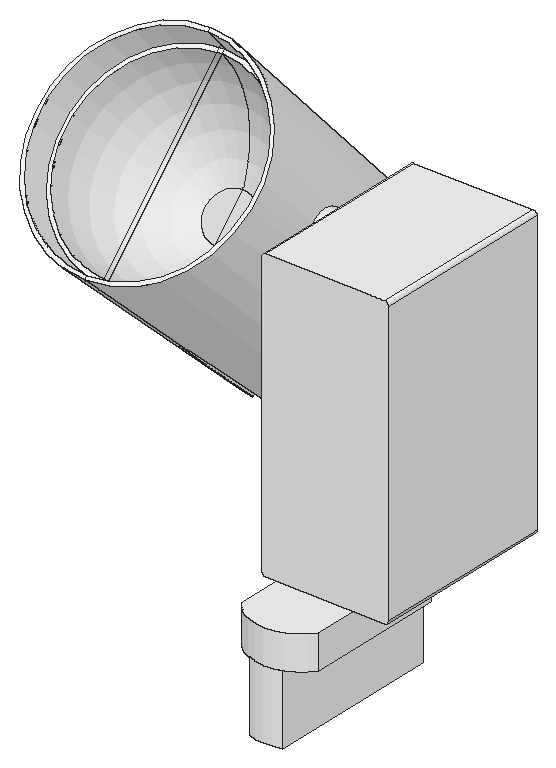
Revit family "0004824 Feilo Sylvania Lighting Fixture START TRACK SPOT S 14W 4K RA80 MB WHITE", category Lighting Fixtures, host Face, Revit 2017
Family settings
  Host = Face
  Round Connector Dimension = Use Diameter
  Part Type = Normal
  OmniClass Number = 23.80.70.00
  OmniClass Title = Lighting
  Cut with Voids When Loaded = No
  Light Source = No
  Shared = No
  Room Calculation Point = No
Parameters (values of type "0004824 START TRACK SPOT S 14W 4K RA80 MB WHITE")
  Weight = "0.94 kg"
  Wattage Comments = ""
  WarrantyStartDate [instance] = "n/a"
  WarrantyGuarantorParts = "n/a"
  WarrantyDurationUnit = "n/a"
  WarrantyDurationParts = "n/a"
  WarrantyDescription = "n/a"
  Voltage = 230 V
  URL = "http://www.sylvania-lighting.com"
  TypeName = "START TRACK SPOT S 14W 4K RA80 MB WHITE"
  TypeHead_FEILO = Start Track Spot Head : 0004824 START TRACK SPOT S 14W 4K RA80 MB WHITE
  TypeBox_FEILO = Start Track Spot Box : Type Small White
  Type Image = <None>
  Type Comments = "n/a"
  VerticalRotation_FEILO [instance] = 0.00°
  SlideEndAngle_FEILO [instance] = VerticalRotation_FEILO + 180.00°  # 180.00°
  SerialNumber [instance] = "n/a"
  Material_3_FEILO = none
  PowerFactor = 0.92
  PowerConsumption = "14 W"
  NominalLength = 0 mm
  NominalHeight = 200 mm
  NominalDepth = 140 mm
  Name = "START TRACK SPOT S 14W 4K RA80 MB WHITE"
  ModelReference = Name  # "START TRACK SPOT S 14W 4K RA80 MB WHITE"
  ModelNumber = "0004824"
  Model = Name  # "START TRACK SPOT S 14W 4K RA80 MB WHITE"
  Material = "adc12 aluminium housing, polycarbonate diffuser"
  ManufacturerName = "Feilo Sylvania"
  Manufacturer = "Feilo Sylvania"
  LuminousEfficacy = "114 lm/W"
  LuminaireType = ""
  LightOutputRatio = "100"
  LampsType = Lamp  # "LED"
  LampNominalLuminous = "1598 lm"
  LampMacAdamStep = "3"
  LampColourTemperature = "4000 K"
  LampColourRenderingIndex = "80"
  Lamp = "LED"
  Keynote = "16500"
  InstallationDate [instance] = "n/a"
  InputVoltage = "230-240V~"
  InputNominalFrequency = "50/60 Hz"
  IngressProtection = "IP20"
  ImpactProtectionIndex = "IK02"
  IfcExportType = "IfcLightFixtureType"
  IfcExportAs = "IfcLightFixtureType"
  HorizontalRotation_FEILO [instance] = 45.00°
  ExpectedLife = 50000
  ElectricShockClassification = "Class II"
  DurationUnit = "hours"
  DocumentationLiterature = "http://www.sylvania-lighting.com/product/en-int/products/0004824"
  DimmingControlOptions = "Non dimmable"
  Material_2_FEILO = none
  Description = "Integrated LED spotlight, Textured White - RAL9016, compact and minimalist design, ideal for retail applications, die-cast aluminium body, passive cooling heatsink. Beam angle: 36°, color temperature: 4000K , total system power: 14W, total fixture output: 1598 lm, LOR: 100%, colour rendering: Ra: 80 typical, LED Chromaticity: 3 step MacAdam ellipse, lifetime: >50000 hours at L70B50, energy class: A++, A+, A, IR/UV free light source without heat radiation, operating voltage: 220-240V / 50-60Hz, drive current: 350mA, electronic driver, non-dimmable, power factor: 0.92, electrical protection: Class II, Global Track 3 Phase adapter suitable for Global trac 3-circuit tracks, ingress protection rating: IP20, suitable for internal environment only, horizontal rotation: 355°, vertical tilt: 90°, dimensions: Ø86x140x200, weight: 0.940kg."
  Default Elevation = 1219.2 mm
  CreatedOn = "12/12/2017"
  CreatedBy = ""
  Cost = 0
  built-in parameter 1114216 [instance] = (empty or 0)
  ClassificationValue = "EF_70_80"
  ClassificationName = "Uniclass2015"
  Material_1_FEILO = Body-Sylvania-StartTrackSpot-White
  BarCode [instance] = "n/a"
  AssetType = "Fixed"
  AssetIdentifier [instance] = "n/a"
  Assembly Code = "D5020200"
  Apparent Load = 14 VA
  Material_4_FEILO = none
Reference planes
  plane 1 "Center (Front/Back)": y = 0
  plane 2: z = 0
  plane 3 "Center (Left/Right)": x = 0
  plane 4: x = 15
  plane 5: x = -15
  plane 6: y = 35
  plane 7: y = -35
  plane 8: z = 13
  plane 9: z = -27
  plane 10: x = 6.5
  plane 11: x = -6.5
  plane 12: y = 27
  plane 13: y = -27
  plane 14: y = 20
Forms (mm)
  Extrusion 1, solid, material "Body-Sylvania-StartTrackSpot-White" <- "Material_1_FEILO"
    sketch origin (0, 0, 0) x (1, 0, 0) y (0, 1, 0)
      loop
        line (-15, 27) -> (-15, -27)
        arc (-15, -27) -> (0, -35) -> (15, -27) r 18.062
        line (15, -27) -> (15, 27)
        arc (15, 27) -> (0, 35) -> (-15, 27) r 18.062
    from 0 to 13
  Extrusion 2, solid, material "Body-Sylvania-StartTrackSpot-White" <- "Material_1_FEILO"
    sketch origin (0, 0, 0) x (1, 0, 0) y (0, 1, 0)
      loop
        arc (6.5, 33.79) -> (0, 35) -> (-6.5, 33.79) r 18.062
        line (-6.5, 33.79) -> (-6.5, -33.79)
        arc (-6.5, -33.79) -> (0, -35) -> (6.5, -33.79) r 18.062
        line (6.5, -33.79) -> (6.5, 33.79)
    from 0 to -27
  Revolve 3, solid, not visible
    sketch origin (1524, 20, 1219.2) x (1, 0, 0) y (0, 0, 1)
      loop
        line (-1524, -1206.2) -> (-1524, -1191.285) -> (-1530.5, -1191.285) -> (-1530.5, -1206.2) -> (-1524, -1206.2)
      axis (-1524, -1191.285) -> (-1524, -1206.2)
    angle from 0 <- "VerticalRotation_FEILO" to 180 <- "SlideEndAngle_FEILO"
Cuts and joins
  joined: Extrusion 1, Extrusion 2
Dimensions and locks
  equal spacing: plane 10, plane 3 "Center (Left/Right)", plane 11
  equal spacing: plane 4, plane 3 "Center (Left/Right)", plane 5
  locked: plane 8 to plane 2 at 13
  locked: plane 8 to plane 9 at 40
  equal spacing: plane 13, plane 1 "Center (Front/Back)", plane 12
  locked: plane 12 to plane 6 at 8
  locked: plane 14 to plane 6 at 15
  locked: Revolve 3 sketch curve to plane 8 at 14.915
  aligned and locked: plane 2 to host face
  aligned and locked: level to host face
  aligned and locked: plane 5 to Extrusion 1 sketch curve  (x2)
  aligned and locked: plane 12 to Extrusion 1 sketch curve
  aligned and locked: plane 13 to Extrusion 1 sketch curve
  aligned and locked: plane 4 to Extrusion 1 sketch curve
  aligned and locked: Extrusion 1 to plane 8
  aligned and locked: Extrusion 1 to level
  aligned and locked: Extrusion 2 sketch curve to Extrusion 1  (x2)
  aligned and locked: Extrusion 2 sketch curve to plane 11
  aligned and locked: plane 10 to Extrusion 2 sketch curve
  aligned and locked: plane 9 to Extrusion 2
  aligned and locked: level to Extrusion 2
  aligned and locked: Revolve 3 sketch curve to plane 3 "Center (Left/Right)"  (x2)
  aligned and locked: plane 11 to Revolve 3 sketch curve
  aligned and locked: Revolve 3 sketch curve to plane 8
Automatic sketch dimensions
  host sketch curve to host sketch curve = 2438.4 mm  (x2)
  Extrusion 1 sketch curve to plane 3 "Center (Left/Right)" = 0 mm  (x2)
  Extrusion 1 sketch curve to plane 13 = 10.062 mm
  plane 12 to Extrusion 1 sketch curve = 10.062 mm
  Revolve 3 sketch curve to plane 3 "Center (Left/Right)" = 0 mm
  plane 9 to Revolve 3 sketch curve = 582.6 mm
  Revolve 3 sketch curve to Revolve 3 sketch curve = 2581.144 mm
Nested families
  nested 1: "Start Track Spot Head" at (-62, 20, 112.529) x (0, 0.7071, 0.7071) z (0, 0.7071, -0.7071), type <- "TypeHead_FEILO", type "0004824 START TRACK SPOT S 14W 4K RA80 MB WHITE"
    with built-in parameter 1114216 (empty or 0)
  nested 2: "Start Track Spot Box" at (8.5, 20, 73) x (-1, 0, 0) z (0, -1, 0), BoxStartAngle_FEILO <- "HorizontalRotation_FEILO", type <- "TypeBox_FEILO", type "Type Small White"
    with BoxStartAngle_FEILO 45.00°, BoxEndAngle_FEILO -135.00°
Connectors
  electrical at (0, 0, 0), driven by "Apparent Load", driven by "PowerFactor", driven by "Voltage"
    settings: index 1, voltage 230 V, apparent load 14 VA, apparent load phase1 0 VA, apparent load phase2 0 VA, apparent load phase3 0 VA, power factor 0.92, load classification "Lighting", number of poles 1, system type 30, power factor state 1, is connector primary yes, connector utility no, sub classification motor no, connector description ""
Definition of nested family "Start Track Spot Head"
  Parameters (values of type "0004811 START TRACK SPOT S 14W 3K RA80 NB WHITE")
    Wattage Comments = "n/a"
    Wattage = 14 W
    built-in parameter 1150110 = 1 (stored number, unit not read)
    URL = "http://www.feilosylvania.com"
    Type Image = (empty or 0)
    Type Comments = "n/a"
    built-in parameter 1114217 = 1 (stored number, unit not read)
    Tilt Angle = -90.00°
    built-in parameter 1150109 = 1 (stored number, unit not read)
    built-in parameter 1150134 = (empty or 0)
    built-in parameter 1150113 = 1 (stored number, unit not read)
    Photometric Web File = "0004811.ies"
    Material_3_FEILO = none
    Model = "START TRACK SPOT S 14W 3K RA80 NB WHITE"
    Manufacturer = "Feilo Sylvania"
    built-in parameter 1150105 = 123.66 (stored number, unit not read)
    Lumens = 1554 lm
    built-in parameter 1150115 = 1 (stored number, unit not read)
    built-in parameter 1150137 = (empty or 0)
    built-in parameter 1150139 = (empty or 0)
    built-in parameter 1150112 = 1 (stored number, unit not read)
    built-in parameter 1150114 = 1 (stored number, unit not read)
    Lamp = "LED"
    Keynote = "16500"
    Material_2_FEILO = none
    built-in parameter 1150132 = (empty or 0)
    built-in parameter 1150102 = (empty or 0)
    built-in parameter 1150107 = 3000 (stored number, unit not read)
    built-in parameter 1150138 = (empty or 0)
    built-in parameter 1150106 = 1.2366 (stored number, unit not read)
    HeadThickness_FEILO = if(HeadDiaOut_FEILO > 112 mm, 2 mm, 1.5 mm)  # 1.5 mm
    HeadRibOffset_FEILO = HeadHeight_FEILO / 28  # 4.179 mm
    HeadRibDepth_FEILO = HeadHeight_FEILO / 2.1  # 55.714 mm
    HeadRibCutWidth_FEILO = HeadDiaOut_FEILO / 12  # 7.167 mm
    HeadRibCutOffset_FEILO = HeadHeight_FEILO / 2.3  # 50.87 mm
    HeadReflectorRadius_FEILO = HeadDiaOut_FEILO / 1.7  # 50.588 mm
    HeadReflectorOffset_FEILO = HeadHeight_FEILO / 2.1  # 55.714 mm
    HeadLEDRadius_FEILO = HeadDiaOut_FEILO / 9  # 9.556 mm
    HeadHeight_FEILO = 117 mm
    HeadDraft_FEILO = 1 mm
    HeadDiffusorThickness_FEILO = 3 mm
    HeadDiffusorOffset_FEILO = HeadHeight_FEILO / 12.4  # 9.435 mm
    HeadDiaOut_FEILO = 86 mm
    HeadDiaIn_FEILO = HeadDiaOut_FEILO / 1.11  # 77.477 mm
    HeadAxisFromTop_FEILO = HeadHeight_FEILO / 1.687  # 69.354 mm
    Emit from Circle Diameter = HeadDiaIn_FEILO  # 77.477 mm
    Emit Shape Visible in Rendering = no
    built-in parameter 1150104 = 10.312 (stored number, unit not read)
    Dimming Lamp Color Temperature Shift = (empty or 0)
    Description = "Integrated LED spotlight, Textured White - RAL9016, compact and minimalist design, ideal for retail applications, die-cast aluminium body, passive cooling heatsink. Beam angle: 12°, color temperature: 3000K , total system power: 14W, total fixture output: 1551 lm, LOR: 100%, colour rendering: Ra: 80 typical, LED Chromaticity: 3 step MacAdam ellipse, lifetime: >50000 hours at L70B50, energy class: A++, A+, A, IR/UV free light source without heat radiation, operating voltage: 220-240V / 50-60Hz, drive current: 350mA, electronic driver, non-dimmable, power factor: 0.92, electrical protection: Class II, Global Track 3 Phase adapter suitable for Global trac 3-circuit tracks, ingress protection rating: IP20, suitable for internal environment only, horizontal rotation: 355°, vertical tilt: 90°, dimensions: Ø86x140x200, weight: 0.940kg."
    Default Elevation = 1219.2 mm
    Cost = 0
    Color Filter = 16777215
    built-in parameter 1114216 [instance] = (empty or 0)
    Material_1_FEILO = none
    built-in parameter 1114218 = 1 (stored number, unit not read)
    built-in parameter 1150133 = 10 (stored number, unit not read)
    Assembly Code = "D5020200"
    Apparent Load = 14 VA
    Material_4_FEILO = none
  Types (96, lengths in mm): name | Wattage | built-in parameter 1150134 | Photometric Web File | Model | built-in parameter 1150105 | Lumens | built-in parameter 1150107 | built-in parameter 1150106 | HeadThickness_FEILO | HeadRibOffset_FEILO | HeadRibDepth_FEILO | HeadRibCutWidth_FEILO | HeadRibCutOffset_FEILO | HeadReflectorRadius_FEILO | HeadReflectorOffset_FEILO | HeadLEDRadius_FEILO | HeadHeight_FEILO | HeadDiffusorOffset_FEILO | HeadDiaOut_FEILO | HeadDiaIn_FEILO | HeadAxisFromTop_FEILO | Emit from Circle Diameter | built-in parameter 1150104 | Description | Apparent Load
    0004906 START TRACK SPOT L 55W 4K RA90 WB BLACK | 55 W | 12 | "0004906.ies" | "START TRACK SPOT L 55W 4K RA90 WB BLACK" | 385.15 (stored number, unit not read) | 4840 lm | 4000 (stored number, unit not read) | 3.8515 (stored number, unit not read) | 2 | 4.429 | 59.048 | 9.417 | 53.913 | 66.471 | 59.048 | 12.556 | 124 | 10 | 113 | 101.802 | 73.503 | 101.802 | 8.1755 (stored number, unit not read) | "Integrated LED spotlight, Textured Black - RAL9005, compact and minimalist design, ideal for retail applications, die-cast aluminium body, passive cooling heatsink. Beam angle: 52°, color temperature: 4000K , total system power: 55W, total fixture output: 4824 lm, LOR: 100%, colour rendering: Ra: 90 typical, LED Chromaticity: 3 step MacAdam ellipse, lifetime: >50000 hours at L70B50, energy class: A++, A+, A, IR/UV free light source without heat radiation, operating voltage: 220-240V / 50-60Hz, drive current: 1400mA, electronic driver, non-dimmable, power factor: 0.96, electrical protection: Class II, Global Track 3 Phase adapter suitable for Global trac 3-circuit tracks, ingress protection rating: IP20, suitable for internal environment only, horizontal rotation: 355°, vertical tilt: 90°, dimensions: Ø113x164x240, weight: 1.398kg." | 55 VA
    0004905 START TRACK SPOT L 55W 4K RA90 MB BLACK | 55 W | 12 | "0004905.ies" | "START TRACK SPOT L 55W 4K RA90 MB BLACK" | 389.53 (stored number, unit not read) | 4895 lm | 4000 (stored number, unit not read) | 3.8953 (stored number, unit not read) | 2 | 4.429 | 59.048 | 9.417 | 53.913 | 66.471 | 59.048 | 12.556 | 124 | 10 | 113 | 101.802 | 73.503 | 101.802 | 8.2684 (stored number, unit not read) | "Integrated LED spotlight, Textured Black - RAL9005, compact and minimalist design, ideal for retail applications, die-cast aluminium body, passive cooling heatsink. Beam angle: 38°, color temperature: 4000K , total system power: 55W, total fixture output: 4897 lm, LOR: 100%, colour rendering: Ra: 90 typical, LED Chromaticity: 3 step MacAdam ellipse, lifetime: >50000 hours at L70B50, energy class: A++, A+, A, IR/UV free light source without heat radiation, operating voltage: 220-240V / 50-60Hz, drive current: 1400mA, electronic driver, non-dimmable, power factor: 0.96, electrical protection: Class II, Global Track 3 Phase adapter suitable for Global trac 3-circuit tracks, ingress protection rating: IP20, suitable for internal environment only, horizontal rotation: 355°, vertical tilt: 90°, dimensions: Ø113x164x240, weight: 1.398kg." | 55 VA
    0004904 START TRACK SPOT L 55W 4K RA90 NB BLACK | 55 W | 12 | "0004904.ies" | "START TRACK SPOT L 55W 4K RA90 NB BLACK" | 393.91 (stored number, unit not read) | 4950 lm | 4000 (stored number, unit not read) | 3.9391 (stored number, unit not read) | 2 | 4.429 | 59.048 | 9.417 | 53.913 | 66.471 | 59.048 | 12.556 | 124 | 10 | 113 | 101.802 | 73.503 | 101.802 | 8.3613 (stored number, unit not read) | "Integrated LED spotlight, Textured Black - RAL9005, compact and minimalist design, ideal for retail applications, die-cast aluminium body, passive cooling heatsink. Beam angle: 15°, color temperature: 4000K , total system power: 55W, total fixture output: 4965 lm, LOR: 100%, colour rendering: Ra: 90 typical, LED Chromaticity: 3 step MacAdam ellipse, lifetime: >50000 hours at L70B50, energy class: A++, A+, A, IR/UV free light source without heat radiation, operating voltage: 220-240V / 50-60Hz, drive current: 1400mA, electronic driver, non-dimmable, power factor: 0.96, electrical protection: Class II, Global Track 3 Phase adapter suitable for Global trac 3-circuit tracks, ingress protection rating: IP20, suitable for internal environment only, horizontal rotation: 355°, vertical tilt: 90°, dimensions: Ø113x164x240, weight: 1.398kg." | 55 VA
    0004903 START TRACK SPOT L 35W 4K RA90 WB BLACK | 35 W | 12 | "0004903.ies" | "START TRACK SPOT L 35W 4K RA90 WB BLACK" | 284.09 (stored number, unit not read) | 3570 lm | 4000 (stored number, unit not read) | 2.8409 (stored number, unit not read) | 2 | 4.429 | 59.048 | 9.417 | 53.913 | 66.471 | 59.048 | 12.556 | 124 | 10 | 113 | 101.802 | 73.503 | 101.802 | 9.4761 (stored number, unit not read) | "Integrated LED spotlight, Textured Black - RAL9005, compact and minimalist design, ideal for retail applications, die-cast aluminium body, passive cooling heatsink. Beam angle: 52°, color temperature: 4000K , total system power: 35W, total fixture output: 3562 lm, LOR: 100%, colour rendering: Ra: 90 typical, LED Chromaticity: 3 step MacAdam ellipse, lifetime: >50000 hours at L70B50, energy class: A++, A+, A, IR/UV free light source without heat radiation, operating voltage: 220-240V / 50-60Hz, drive current: 900mA, electronic driver, non-dimmable, power factor: 0.93, electrical protection: Class II, Global Track 3 Phase adapter suitable for Global trac 3-circuit tracks, ingress protection rating: IP20, suitable for internal environment only, horizontal rotation: 355°, vertical tilt: 90°, dimensions: Ø113x164x240, weight: 1.368kg." | 35 VA
    0004902 START TRACK SPOT L 35W 4K RA90 MB BLACK | 35 W | 12 | "0004902.ies" | "START TRACK SPOT L 35W 4K RA90 MB BLACK" | 286.88 (stored number, unit not read) | 3605 lm | 4000 (stored number, unit not read) | 2.8688 (stored number, unit not read) | 2 | 4.429 | 59.048 | 9.417 | 53.913 | 66.471 | 59.048 | 12.556 | 124 | 10 | 113 | 101.802 | 73.503 | 101.802 | 9.569 (stored number, unit not read) | "Integrated LED spotlight, Textured Black - RAL9005, compact and minimalist design, ideal for retail applications, die-cast aluminium body, passive cooling heatsink. Beam angle: 38°, color temperature: 4000K , total system power: 35W, total fixture output: 3616 lm, LOR: 100%, colour rendering: Ra: 90 typical, LED Chromaticity: 3 step MacAdam ellipse, lifetime: >50000 hours at L70B50, energy class: A++, A+, A, IR/UV free light source without heat radiation, operating voltage: 220-240V / 50-60Hz, drive current: 900mA, electronic driver, non-dimmable, power factor: 0.93, electrical protection: Class II, Global Track 3 Phase adapter suitable for Global trac 3-circuit tracks, ingress protection rating: IP20, suitable for internal environment only, horizontal rotation: 355°, vertical tilt: 90°, dimensions: Ø113x164x240, weight: 1.368kg." | 35 VA
    0004901 START TRACK SPOT L 35W 4K RA90 NB BLACK | 35 W | 12 | "0004901.ies" | "START TRACK SPOT L 35W 4K RA90 NB BLACK" | 286.88 (stored number, unit not read) | 3605 lm | 4000 (stored number, unit not read) | 2.8688 (stored number, unit not read) | 2 | 4.429 | 59.048 | 9.417 | 53.913 | 66.471 | 59.048 | 12.556 | 124 | 10 | 113 | 101.802 | 73.503 | 101.802 | 9.569 (stored number, unit not read) | "Integrated LED spotlight, Textured Black - RAL9005, compact and minimalist design, ideal for retail applications, die-cast aluminium body, passive cooling heatsink. Beam angle: 15°, color temperature: 4000K , total system power: 35W, total fixture output: 3593 lm, LOR: 100%, colour rendering: Ra: 90 typical, LED Chromaticity: 3 step MacAdam ellipse, lifetime: >50000 hours at L70B50, energy class: A++, A+, A, IR/UV free light source without heat radiation, operating voltage: 220-240V / 50-60Hz, drive current: 900mA, electronic driver, non-dimmable, power factor: 0.93, electrical protection: Class II, Global Track 3 Phase adapter suitable for Global trac 3-circuit tracks, ingress protection rating: IP20, suitable for internal environment only, horizontal rotation: 355°, vertical tilt: 90°, dimensions: Ø113x164x240, weight: 1.368kg." | 35 VA
    0004900 START TRACK SPOT S 24W 4K RA90 WB BLACK | 24 W | 12 | "0004900.ies" | "START TRACK SPOT S 24W 4K RA90 WB BLACK" | 166.16 (stored number, unit not read) | 2088 lm | 4000 (stored number, unit not read) | 1.6616 (stored number, unit not read) | 1.5 | 4.179 | 55.714 | 7.167 | 50.87 | 50.588 | 55.714 | 9.556 | 117 | 9.435 | 86 | 77.477 | 69.354 | 77.477 | 8.0826 (stored number, unit not read) | "Integrated LED spotlight, Textured Black - RAL9005, compact and minimalist design, ideal for retail applications, die-cast aluminium body, passive cooling heatsink. Beam angle: 64°, color temperature: 4000K , total system power: 24W, total fixture output: 2087 lm, LOR: 100%, colour rendering: Ra: 90 typical, LED Chromaticity: 3 step MacAdam ellipse, lifetime: >50000 hours at L70B50, energy class: A++, A+, A, IR/UV free light source without heat radiation, operating voltage: 220-240V / 50-60Hz, drive current: 600mA, electronic driver, non-dimmable, power factor: 0.95, electrical protection: Class II, Global Track 3 Phase adapter suitable for Global trac 3-circuit tracks, ingress protection rating: IP20, suitable for internal environment only, horizontal rotation: 355°, vertical tilt: 90°, dimensions: Ø86x140x200, weight: 0.966kg." | 24 VA
    0004899 START TRACK SPOT S 24W 4K RA90 MB BLACK | 24 W | 12 | "0004899.ies" | "START TRACK SPOT S 24W 4K RA90 MB BLACK" | 169.98 (stored number, unit not read) | 2136 lm | 4000 (stored number, unit not read) | 1.6998 (stored number, unit not read) | 1.5 | 4.179 | 55.714 | 7.167 | 50.87 | 50.588 | 55.714 | 9.556 | 117 | 9.435 | 86 | 77.477 | 69.354 | 77.477 | 8.2684 (stored number, unit not read) | "Integrated LED spotlight, Textured Black - RAL9005, compact and minimalist design, ideal for retail applications, die-cast aluminium body, passive cooling heatsink. Beam angle: 36°, color temperature: 4000K , total system power: 24W, total fixture output: 2141 lm, LOR: 100%, colour rendering: Ra: 90 typical, LED Chromaticity: 3 step MacAdam ellipse, lifetime: >50000 hours at L70B50, energy class: A++, A+, A, IR/UV free light source without heat radiation, operating voltage: 220-240V / 50-60Hz, drive current: 600mA, electronic driver, non-dimmable, power factor: 0.95, electrical protection: Class II, Global Track 3 Phase adapter suitable for Global trac 3-circuit tracks, ingress protection rating: IP20, suitable for internal environment only, horizontal rotation: 355°, vertical tilt: 90°, dimensions: Ø86x140x200, weight: 0.966kg." | 24 VA
    0004898 START TRACK SPOT S 24W 4K RA90 NB BLACK | 24 W | 12 | "0004898.ies" | "START TRACK SPOT S 24W 4K RA90 NB BLACK" | 171.89 (stored number, unit not read) | 2160 lm | 4000 (stored number, unit not read) | 1.7189 (stored number, unit not read) | 1.5 | 4.179 | 55.714 | 7.167 | 50.87 | 50.588 | 55.714 | 9.556 | 117 | 9.435 | 86 | 77.477 | 69.354 | 77.477 | 8.3613 (stored number, unit not read) | "Integrated LED spotlight, Textured Black - RAL9005, compact and minimalist design, ideal for retail applications, die-cast aluminium body, passive cooling heatsink. Beam angle: 12°, color temperature: 4000K , total system power: 24W, total fixture output: 2155 lm, LOR: 100%, colour rendering: Ra: 90 typical, LED Chromaticity: 3 step MacAdam ellipse, lifetime: >50000 hours at L70B50, energy class: A++, A+, A, IR/UV free light source without heat radiation, operating voltage: 220-240V / 50-60Hz, drive current: 600mA, electronic driver, non-dimmable, power factor: 0.95, electrical protection: Class II, Global Track 3 Phase adapter suitable for Global trac 3-circuit tracks, ingress protection rating: IP20, suitable for internal environment only, horizontal rotation: 355°, vertical tilt: 90°, dimensions: Ø86x140x200, weight: 0.966kg." | 24 VA
    0004897 START TRACK SPOT S 14W 4K RA90 WB BLACK | 14 W | 12 | "0004897.ies" | "START TRACK SPOT S 14W 4K RA90 WB BLACK" | 108.07 (stored number, unit not read) | 1358 lm | 4000 (stored number, unit not read) | 1.0807 (stored number, unit not read) | 1.5 | 4.179 | 55.714 | 7.167 | 50.87 | 50.588 | 55.714 | 9.556 | 117 | 9.435 | 86 | 77.477 | 69.354 | 77.477 | 9.0116 (stored number, unit not read) | "Integrated LED spotlight, Textured Black - RAL9005, compact and minimalist design, ideal for retail applications, die-cast aluminium body, passive cooling heatsink. Beam angle: 64°, color temperature: 4000K , total system power: 14W, total fixture output: 1352 lm, LOR: 100%, colour rendering: Ra: 90 typical, LED Chromaticity: 3 step MacAdam ellipse, lifetime: >50000 hours at L70B50, energy class: A++, A+, A, IR/UV free light source without heat radiation, operating voltage: 220-240V / 50-60Hz, drive current: 350mA, electronic driver, non-dimmable, power factor: 0.92, electrical protection: Class II, Global Track 3 Phase adapter suitable for Global trac 3-circuit tracks, ingress protection rating: IP20, suitable for internal environment only, horizontal rotation: 355°, vertical tilt: 90°, dimensions: Ø86x140x200, weight: 0.940kg." | 14 VA
    0004896 START TRACK SPOT S 14W 4K RA90 MB BLACK | 14 W | 12 | "0004896.ies" | "START TRACK SPOT S 14W 4K RA90 MB BLACK" | 108.07 (stored number, unit not read) | 1358 lm | 4000 (stored number, unit not read) | 1.0807 (stored number, unit not read) | 1.5 | 4.179 | 55.714 | 7.167 | 50.87 | 50.588 | 55.714 | 9.556 | 117 | 9.435 | 86 | 77.477 | 69.354 | 77.477 | 9.0116 (stored number, unit not read) | "Integrated LED spotlight, Textured Black - RAL9005, compact and minimalist design, ideal for retail applications, die-cast aluminium body, passive cooling heatsink. Beam angle: 36°, color temperature: 4000K , total system power: 14W, total fixture output: 1359 lm, LOR: 100%, colour rendering: Ra: 90 typical, LED Chromaticity: 3 step MacAdam ellipse, lifetime: >50000 hours at L70B50, energy class: A++, A+, A, IR/UV free light source without heat radiation, operating voltage: 220-240V / 50-60Hz, drive current: 350mA, electronic driver, non-dimmable, power factor: 0.92, electrical protection: Class II, Global Track 3 Phase adapter suitable for Global trac 3-circuit tracks, ingress protection rating: IP20, suitable for internal environment only, horizontal rotation: 355°, vertical tilt: 90°, dimensions: Ø86x140x200, weight: 0.940kg." | 14 VA
    0004895 START TRACK SPOT S 14W 4K RA90 NB BLACK | 14 W | 12 | "0004895.ies" | "START TRACK SPOT S 14W 4K RA90 NB BLACK" | 106.95 (stored number, unit not read) | 1344 lm | 4000 (stored number, unit not read) | 1.0695 (stored number, unit not read) | 1.5 | 4.179 | 55.714 | 7.167 | 50.87 | 50.588 | 55.714 | 9.556 | 117 | 9.435 | 86 | 77.477 | 69.354 | 77.477 | 8.9187 (stored number, unit not read) | "Integrated LED spotlight, Textured Black - RAL9005, compact and minimalist design, ideal for retail applications, die-cast aluminium body, passive cooling heatsink. Beam angle: 12°, color temperature: 4000K , total system power: 14W, total fixture output: 1349 lm, LOR: 100%, colour rendering: Ra: 90 typical, LED Chromaticity: 3 step MacAdam ellipse, lifetime: >50000 hours at L70B50, energy class: A++, A+, A, IR/UV free light source without heat radiation, operating voltage: 220-240V / 50-60Hz, drive current: 350mA, electronic driver, non-dimmable, power factor: 0.92, electrical protection: Class II, Global Track 3 Phase adapter suitable for Global trac 3-circuit tracks, ingress protection rating: IP20, suitable for internal environment only, horizontal rotation: 355°, vertical tilt: 90°, dimensions: Ø86x140x200, weight: 0.940kg." | 14 VA
    0004894 START TRACK SPOT L 55W 3K RA90 WB BLACK | 55 W | (empty or 0) | "0004894.ies" | "START TRACK SPOT L 55W 3K RA90 WB BLACK" | 350.14 (stored number, unit not read) | 4400 lm | 3000 (stored number, unit not read) | 3.5014 (stored number, unit not read) | 2 | 4.429 | 59.048 | 9.417 | 53.913 | 66.471 | 59.048 | 12.556 | 124 | 10 | 113 | 101.802 | 73.503 | 101.802 | 7.4322 (stored number, unit not read) | "Integrated LED spotlight, Textured Black - RAL9005, compact and minimalist design, ideal for retail applications, die-cast aluminium body, passive cooling heatsink. Beam angle: 52°, color temperature: 3000K , total system power: 55W, total fixture output: 4405 lm, LOR: 100%, colour rendering: Ra: 90 typical, LED Chromaticity: 3 step MacAdam ellipse, lifetime: >50000 hours at L70B50, energy class: A++, A+, A, IR/UV free light source without heat radiation, operating voltage: 220-240V / 50-60Hz, drive current: 1400mA, electronic driver, non-dimmable, power factor: 0.96, electrical protection: Class II, Global Track 3 Phase adapter suitable for Global trac 3-circuit tracks, ingress protection rating: IP20, suitable for internal environment only, horizontal rotation: 355°, vertical tilt: 90°, dimensions: Ø113x164x240, weight: 1.398kg." | 55 VA
    0004893 START TRACK SPOT L 55W 3K RA90 MB BLACK | 55 W | (empty or 0) | "0004893.ies" | "START TRACK SPOT L 55W 3K RA90 MB BLACK" | 354.52 (stored number, unit not read) | 4455 lm | 3000 (stored number, unit not read) | 3.5452 (stored number, unit not read) | 2 | 4.429 | 59.048 | 9.417 | 53.913 | 66.471 | 59.048 | 12.556 | 124 | 10 | 113 | 101.802 | 73.503 | 101.802 | 7.5251 (stored number, unit not read) | "Integrated LED spotlight, Textured Black - RAL9005, compact and minimalist design, ideal for retail applications, die-cast aluminium body, passive cooling heatsink. Beam angle: 38°, color temperature: 3000K , total system power: 55W, total fixture output: 4448 lm, LOR: 100%, colour rendering: Ra: 90 typical, LED Chromaticity: 3 step MacAdam ellipse, lifetime: >50000 hours at L70B50, energy class: A++, A+, A, IR/UV free light source without heat radiation, operating voltage: 220-240V / 50-60Hz, drive current: 1400mA, electronic driver, non-dimmable, power factor: 0.96, electrical protection: Class II, Global Track 3 Phase adapter suitable for Global trac 3-circuit tracks, ingress protection rating: IP20, suitable for internal environment only, horizontal rotation: 355°, vertical tilt: 90°, dimensions: Ø113x164x240, weight: 1.398kg." | 55 VA
    0004892 START TRACK SPOT L 55W 3K RA90 NB BLACK | 55 W | (empty or 0) | "0004892.ies" | "START TRACK SPOT L 55W 3K RA90 NB BLACK" | 350.14 (stored number, unit not read) | 4400 lm | 3000 (stored number, unit not read) | 3.5014 (stored number, unit not read) | 2 | 4.429 | 59.048 | 9.417 | 53.913 | 66.471 | 59.048 | 12.556 | 124 | 10 | 113 | 101.802 | 73.503 | 101.802 | 7.4322 (stored number, unit not read) | "Integrated LED spotlight, Textured Black - RAL9005, compact and minimalist design, ideal for retail applications, die-cast aluminium body, passive cooling heatsink. Beam angle: 15°, color temperature: 3000K , total system power: 55W, total fixture output: 4416 lm, LOR: 100%, colour rendering: Ra: 90 typical, LED Chromaticity: 3 step MacAdam ellipse, lifetime: >50000 hours at L70B50, energy class: A++, A+, A, IR/UV free light source without heat radiation, operating voltage: 220-240V / 50-60Hz, drive current: 1400mA, electronic driver, non-dimmable, power factor: 0.96, electrical protection: Class II, Global Track 3 Phase adapter suitable for Global trac 3-circuit tracks, ingress protection rating: IP20, suitable for internal environment only, horizontal rotation: 355°, vertical tilt: 90°, dimensions: Ø113x164x240, weight: 1.398kg." | 55 VA
    0004891 START TRACK SPOT L 35W 3K RA90 WB BLACK | 35 W | (empty or 0) | "0004891.ies" | "START TRACK SPOT L 35W 3K RA90 WB BLACK" | 259.02 (stored number, unit not read) | 3255 lm | 3000 (stored number, unit not read) | 2.5902 (stored number, unit not read) | 2 | 4.429 | 59.048 | 9.417 | 53.913 | 66.471 | 59.048 | 12.556 | 124 | 10 | 113 | 101.802 | 73.503 | 101.802 | 8.64 (stored number, unit not read) | "Integrated LED spotlight, Textured Black - RAL9005, compact and minimalist design, ideal for retail applications, die-cast aluminium body, passive cooling heatsink. Beam angle: 52°, color temperature: 3000K , total system power: 35W, total fixture output: 3260 lm, LOR: 100%, colour rendering: Ra: 90 typical, LED Chromaticity: 3 step MacAdam ellipse, lifetime: >50000 hours at L70B50, energy class: A++, A+, A, IR/UV free light source without heat radiation, operating voltage: 220-240V / 50-60Hz, drive current: 900mA, electronic driver, non-dimmable, power factor: 0.93, electrical protection: Class II, Global Track 3 Phase adapter suitable for Global trac 3-circuit tracks, ingress protection rating: IP20, suitable for internal environment only, horizontal rotation: 355°, vertical tilt: 90°, dimensions: Ø113x164x240, weight: 1.368kg." | 35 VA
    0004890 START TRACK SPOT L 35W 3K RA90 MB BLACK | 35 W | (empty or 0) | "0004890.ies" | "START TRACK SPOT L 35W 3K RA90 MB BLACK" | 261.81 (stored number, unit not read) | 3290 lm | 3000 (stored number, unit not read) | 2.6181 (stored number, unit not read) | 2 | 4.429 | 59.048 | 9.417 | 53.913 | 66.471 | 59.048 | 12.556 | 124 | 10 | 113 | 101.802 | 73.503 | 101.802 | 8.7329 (stored number, unit not read) | "Integrated LED spotlight, Textured Black - RAL9005, compact and minimalist design, ideal for retail applications, die-cast aluminium body, passive cooling heatsink. Beam angle: 38°, color temperature: 3000K , total system power: 35W, total fixture output: 3306 lm, LOR: 100%, colour rendering: Ra: 90 typical, LED Chromaticity: 3 step MacAdam ellipse, lifetime: >50000 hours at L70B50, energy class: A++, A+, A, IR/UV free light source without heat radiation, operating voltage: 220-240V / 50-60Hz, drive current: 900mA, electronic driver, non-dimmable, power factor: 0.93, electrical protection: Class II, Global Track 3 Phase adapter suitable for Global trac 3-circuit tracks, ingress protection rating: IP20, suitable for internal environment only, horizontal rotation: 355°, vertical tilt: 90°, dimensions: Ø113x164x240, weight: 1.368kg." | 35 VA
    0004889 START TRACK SPOT L 35W 3K RA90 NB BLACK | 35 W | (empty or 0) | "0004889.ies" | "START TRACK SPOT L 35W 3K RA90 NB BLACK" | 261.81 (stored number, unit not read) | 3290 lm | 3000 (stored number, unit not read) | 2.6181 (stored number, unit not read) | 2 | 4.429 | 59.048 | 9.417 | 53.913 | 66.471 | 59.048 | 12.556 | 124 | 10 | 113 | 101.802 | 73.503 | 101.802 | 8.7329 (stored number, unit not read) | "Integrated LED spotlight, Textured Black - RAL9005, compact and minimalist design, ideal for retail applications, die-cast aluminium body, passive cooling heatsink. Beam angle: 15°, color temperature: 3000K , total system power: 35W, total fixture output: 3287 lm, LOR: 100%, colour rendering: Ra: 90 typical, LED Chromaticity: 3 step MacAdam ellipse, lifetime: >50000 hours at L70B50, energy class: A++, A+, A, IR/UV free light source without heat radiation, operating voltage: 220-240V / 50-60Hz, drive current: 900mA, electronic driver, non-dimmable, power factor: 0.93, electrical protection: Class II, Global Track 3 Phase adapter suitable for Global trac 3-circuit tracks, ingress protection rating: IP20, suitable for internal environment only, horizontal rotation: 355°, vertical tilt: 90°, dimensions: Ø113x164x240, weight: 1.368kg." | 35 VA
    0004888 START TRACK SPOT S 24W 3K RA90 WB BLACK | 24 W | (empty or 0) | "0004888.ies" | "START TRACK SPOT S 24W 3K RA90 WB BLACK" | 152.79 (stored number, unit not read) | 1920 lm | 3000 (stored number, unit not read) | 1.5279 (stored number, unit not read) | 1.5 | 4.179 | 55.714 | 7.167 | 50.87 | 50.588 | 55.714 | 9.556 | 117 | 9.435 | 86 | 77.477 | 69.354 | 77.477 | 7.4322 (stored number, unit not read) | "Integrated LED spotlight, Textured Black - RAL9005, compact and minimalist design, ideal for retail applications, die-cast aluminium body, passive cooling heatsink. Beam angle: 64°, color temperature: 3000K , total system power: 24W, total fixture output: 1928 lm, LOR: 100%, colour rendering: Ra: 90 typical, LED Chromaticity: 3 step MacAdam ellipse, lifetime: >50000 hours at L70B50, energy class: A++, A+, A, IR/UV free light source without heat radiation, operating voltage: 220-240V / 50-60Hz, drive current: 600mA, electronic driver, non-dimmable, power factor: 0.95, electrical protection: Class II, Global Track 3 Phase adapter suitable for Global trac 3-circuit tracks, ingress protection rating: IP20, suitable for internal environment only, horizontal rotation: 355°, vertical tilt: 90°, dimensions: Ø86x140x200, weight: 0.966kg." | 24 VA
    0004887 START TRACK SPOT S 24W 3K RA90 MB BLACK | 24 W | (empty or 0) | "0004887.ies" | "START TRACK SPOT S 24W 3K RA90 MB BLACK" | 154.7 (stored number, unit not read) | 1944 lm | 3000 (stored number, unit not read) | 1.547 (stored number, unit not read) | 1.5 | 4.179 | 55.714 | 7.167 | 50.87 | 50.588 | 55.714 | 9.556 | 117 | 9.435 | 86 | 77.477 | 69.354 | 77.477 | 7.5251 (stored number, unit not read) | "Integrated LED spotlight, Textured Black - RAL9005, compact and minimalist design, ideal for retail applications, die-cast aluminium body, passive cooling heatsink. Beam angle: 36°, color temperature: 3000K , total system power: 24W, total fixture output: 1944 lm, LOR: 100%, colour rendering: Ra: 90 typical, LED Chromaticity: 3 step MacAdam ellipse, lifetime: >50000 hours at L70B50, energy class: A++, A+, A, IR/UV free light source without heat radiation, operating voltage: 220-240V / 50-60Hz, drive current: 600mA, electronic driver, non-dimmable, power factor: 0.95, electrical protection: Class II, Global Track 3 Phase adapter suitable for Global trac 3-circuit tracks, ingress protection rating: IP20, suitable for internal environment only, horizontal rotation: 355°, vertical tilt: 90°, dimensions: Ø86x140x200, weight: 0.966kg." | 24 VA
    0004886 START TRACK SPOT S 24W 3K RA90 NB BLACK | 24 W | (empty or 0) | "0004886.ies" | "START TRACK SPOT S 24W 3K RA90 NB BLACK" | 158.52 (stored number, unit not read) | 1992 lm | 3000 (stored number, unit not read) | 1.5852 (stored number, unit not read) | 1.5 | 4.179 | 55.714 | 7.167 | 50.87 | 50.588 | 55.714 | 9.556 | 117 | 9.435 | 86 | 77.477 | 69.354 | 77.477 | 7.711 (stored number, unit not read) | "Integrated LED spotlight, Textured Black - RAL9005, compact and minimalist design, ideal for retail applications, die-cast aluminium body, passive cooling heatsink. Beam angle: 12°, color temperature: 3000K , total system power: 24W, total fixture output: 1987 lm, LOR: 100%, colour rendering: Ra: 90 typical, LED Chromaticity: 3 step MacAdam ellipse, lifetime: >50000 hours at L70B50, energy class: A++, A+, A, IR/UV free light source without heat radiation, operating voltage: 220-240V / 50-60Hz, drive current: 600mA, electronic driver, non-dimmable, power factor: 0.95, electrical protection: Class II, Global Track 3 Phase adapter suitable for Global trac 3-circuit tracks, ingress protection rating: IP20, suitable for internal environment only, horizontal rotation: 355°, vertical tilt: 90°, dimensions: Ø86x140x200, weight: 0.966kg." | 24 VA
    0004885 START TRACK SPOT S 14W 3K RA90 WB BLACK | 14 W | (empty or 0) | "0004885.ies" | "START TRACK SPOT S 14W 3K RA90 WB BLACK" | 100.27 (stored number, unit not read) | 1260 lm | 3000 (stored number, unit not read) | 1.0027 (stored number, unit not read) | 1.5 | 4.179 | 55.714 | 7.167 | 50.87 | 50.588 | 55.714 | 9.556 | 117 | 9.435 | 86 | 77.477 | 69.354 | 77.477 | 8.3613 (stored number, unit not read) | "Integrated LED spotlight, Textured Black - RAL9005, compact and minimalist design, ideal for retail applications, die-cast aluminium body, passive cooling heatsink. Beam angle: 64°, color temperature: 3000K , total system power: 14W, total fixture output: 1262 lm, LOR: 100%, colour rendering: Ra: 90 typical, LED Chromaticity: 3 step MacAdam ellipse, lifetime: >50000 hours at L70B50, energy class: A++, A+, A, IR/UV free light source without heat radiation, operating voltage: 220-240V / 50-60Hz, drive current: 350mA, electronic driver, non-dimmable, power factor: 0.92, electrical protection: Class II, Global Track 3 Phase adapter suitable for Global trac 3-circuit tracks, ingress protection rating: IP20, suitable for internal environment only, horizontal rotation: 355°, vertical tilt: 90°, dimensions: Ø86x140x200, weight: 0.940kg." | 14 VA
    0004884 START TRACK SPOT S 14W 3K RA90 MB BLACK | 14 W | (empty or 0) | "0004884.ies" | "START TRACK SPOT S 14W 3K RA90 MB BLACK" | 100.27 (stored number, unit not read) | 1260 lm | 3000 (stored number, unit not read) | 1.0027 (stored number, unit not read) | 1.5 | 4.179 | 55.714 | 7.167 | 50.87 | 50.588 | 55.714 | 9.556 | 117 | 9.435 | 86 | 77.477 | 69.354 | 77.477 | 8.3613 (stored number, unit not read) | "Integrated LED spotlight, Textured Black - RAL9005, compact and minimalist design, ideal for retail applications, die-cast aluminium body, passive cooling heatsink. Beam angle: 36°, color temperature: 3000K , total system power: 14W, total fixture output: 1262 lm, LOR: 100%, colour rendering: Ra: 90 typical, LED Chromaticity: 3 step MacAdam ellipse, lifetime: >50000 hours at L70B50, energy class: A++, A+, A, IR/UV free light source without heat radiation, operating voltage: 220-240V / 50-60Hz, drive current: 350mA, electronic driver, non-dimmable, power factor: 0.92, electrical protection: Class II, Global Track 3 Phase adapter suitable for Global trac 3-circuit tracks, ingress protection rating: IP20, suitable for internal environment only, horizontal rotation: 355°, vertical tilt: 90°, dimensions: Ø86x140x200, weight: 0.940kg." | 14 VA
    0004883 START TRACK SPOT S 14W 3K RA90 NB BLACK | 14 W | (empty or 0) | "0004883.ies" | "START TRACK SPOT S 14W 3K RA90 NB BLACK" | 102.5 (stored number, unit not read) | 1288 lm | 3000 (stored number, unit not read) | 1.025 (stored number, unit not read) | 1.5 | 4.179 | 55.714 | 7.167 | 50.87 | 50.588 | 55.714 | 9.556 | 117 | 9.435 | 86 | 77.477 | 69.354 | 77.477 | 8.5471 (stored number, unit not read) | "Integrated LED spotlight, Textured Black - RAL9005, compact and minimalist design, ideal for retail applications, die-cast aluminium body, passive cooling heatsink. Beam angle: 12°, color temperature: 3000K , total system power: 14W, total fixture output: 1284 lm, LOR: 100%, colour rendering: Ra: 90 typical, LED Chromaticity: 3 step MacAdam ellipse, lifetime: >50000 hours at L70B50, energy class: A++, A+, A, IR/UV free light source without heat radiation, operating voltage: 220-240V / 50-60Hz, drive current: 350mA, electronic driver, non-dimmable, power factor: 0.92, electrical protection: Class II, Global Track 3 Phase adapter suitable for Global trac 3-circuit tracks, ingress protection rating: IP20, suitable for internal environment only, horizontal rotation: 355°, vertical tilt: 90°, dimensions: Ø86x140x200, weight: 0.940kg." | 14 VA
    0004882 START TRACK SPOT L 55W 4K RA90 WB WHITE | 55 W | 12 | "0004882.ies" | "START TRACK SPOT L 55W 4K RA90 WB WHITE" | 385.15 (stored number, unit not read) | 4840 lm | 4000 (stored number, unit not read) | 3.8515 (stored number, unit not read) | 2 | 4.429 | 59.048 | 9.417 | 53.913 | 66.471 | 59.048 | 12.556 | 124 | 10 | 113 | 101.802 | 73.503 | 101.802 | 8.1755 (stored number, unit not read) | "Integrated LED spotlight, Textured White - RAL9016, compact and minimalist design, ideal for retail applications, die-cast aluminium body, passive cooling heatsink. Beam angle: 52°, color temperature: 4000K , total system power: 55W, total fixture output: 4824 lm, LOR: 100%, colour rendering: Ra: 90 typical, LED Chromaticity: 3 step MacAdam ellipse, lifetime: >50000 hours at L70B50, energy class: A++, A+, A, IR/UV free light source without heat radiation, operating voltage: 220-240V / 50-60Hz, drive current: 1400mA, electronic driver, non-dimmable, power factor: 0.96, electrical protection: Class II, Global Track 3 Phase adapter suitable for Global trac 3-circuit tracks, ingress protection rating: IP20, suitable for internal environment only, horizontal rotation: 355°, vertical tilt: 90°, dimensions: Ø113x164x240, weight: 1.398kg." | 55 VA
    0004881 START TRACK SPOT L 55W 4K RA90 MB WHITE | 55 W | 12 | "0004881.ies" | "START TRACK SPOT L 55W 4K RA90 MB WHITE" | 389.53 (stored number, unit not read) | 4895 lm | 4000 (stored number, unit not read) | 3.8953 (stored number, unit not read) | 2 | 4.429 | 59.048 | 9.417 | 53.913 | 66.471 | 59.048 | 12.556 | 124 | 10 | 113 | 101.802 | 73.503 | 101.802 | 8.2684 (stored number, unit not read) | "Integrated LED spotlight, Textured White - RAL9016, compact and minimalist design, ideal for retail applications, die-cast aluminium body, passive cooling heatsink. Beam angle: 38°, color temperature: 4000K , total system power: 55W, total fixture output: 4897 lm, LOR: 100%, colour rendering: Ra: 90 typical, LED Chromaticity: 3 step MacAdam ellipse, lifetime: >50000 hours at L70B50, energy class: A++, A+, A, IR/UV free light source without heat radiation, operating voltage: 220-240V / 50-60Hz, drive current: 1400mA, electronic driver, non-dimmable, power factor: 0.96, electrical protection: Class II, Global Track 3 Phase adapter suitable for Global trac 3-circuit tracks, ingress protection rating: IP20, suitable for internal environment only, horizontal rotation: 355°, vertical tilt: 90°, dimensions: Ø113x164x240, weight: 1.398kg." | 55 VA
    0004880 START TRACK SPOT L 55W 4K RA90 NB WHITE | 55 W | 12 | "0004880.ies" | "START TRACK SPOT L 55W 4K RA90 NB WHITE" | 393.91 (stored number, unit not read) | 4950 lm | 4000 (stored number, unit not read) | 3.9391 (stored number, unit not read) | 2 | 4.429 | 59.048 | 9.417 | 53.913 | 66.471 | 59.048 | 12.556 | 124 | 10 | 113 | 101.802 | 73.503 | 101.802 | 8.3613 (stored number, unit not read) | "Integrated LED spotlight, Textured White - RAL9016, compact and minimalist design, ideal for retail applications, die-cast aluminium body, passive cooling heatsink. Beam angle: 15°, color temperature: 4000K , total system power: 55W, total fixture output: 4965 lm, LOR: 100%, colour rendering: Ra: 90 typical, LED Chromaticity: 3 step MacAdam ellipse, lifetime: >50000 hours at L70B50, energy class: A++, A+, A, IR/UV free light source without heat radiation, operating voltage: 220-240V / 50-60Hz, drive current: 1400mA, electronic driver, non-dimmable, power factor: 0.96, electrical protection: Class II, Global Track 3 Phase adapter suitable for Global trac 3-circuit tracks, ingress protection rating: IP20, suitable for internal environment only, horizontal rotation: 355°, vertical tilt: 90°, dimensions: Ø113x164x240, weight: 1.398kg." | 55 VA
    0004879 START TRACK SPOT L 35W 4K RA90 WB WHITE | 35 W | 12 | "0004879.ies" | "START TRACK SPOT L 35W 4K RA90 WB WHITE" | 284.09 (stored number, unit not read) | 3570 lm | 4000 (stored number, unit not read) | 2.8409 (stored number, unit not read) | 2 | 4.429 | 59.048 | 9.417 | 53.913 | 66.471 | 59.048 | 12.556 | 124 | 10 | 113 | 101.802 | 73.503 | 101.802 | 9.4761 (stored number, unit not read) | "Integrated LED spotlight, Textured White - RAL9016, compact and minimalist design, ideal for retail applications, die-cast aluminium body, passive cooling heatsink. Beam angle: 52°, color temperature: 4000K , total system power: 35W, total fixture output: 3562 lm, LOR: 100%, colour rendering: Ra: 90 typical, LED Chromaticity: 3 step MacAdam ellipse, lifetime: >50000 hours at L70B50, energy class: A++, A+, A, IR/UV free light source without heat radiation, operating voltage: 220-240V / 50-60Hz, drive current: 900mA, electronic driver, non-dimmable, power factor: 0.93, electrical protection: Class II, Global Track 3 Phase adapter suitable for Global trac 3-circuit tracks, ingress protection rating: IP20, suitable for internal environment only, horizontal rotation: 355°, vertical tilt: 90°, dimensions: Ø113x164x240, weight: 1.368kg." | 35 VA
    0004878 START TRACK SPOT L 35W 4K RA90 MB WHITE | 35 W | 12 | "0004878.ies" | "START TRACK SPOT L 35W 4K RA90 MB WHITE" | 286.88 (stored number, unit not read) | 3605 lm | 4000 (stored number, unit not read) | 2.8688 (stored number, unit not read) | 2 | 4.429 | 59.048 | 9.417 | 53.913 | 66.471 | 59.048 | 12.556 | 124 | 10 | 113 | 101.802 | 73.503 | 101.802 | 9.569 (stored number, unit not read) | "Integrated LED spotlight, Textured White - RAL9016, compact and minimalist design, ideal for retail applications, die-cast aluminium body, passive cooling heatsink. Beam angle: 38°, color temperature: 4000K , total system power: 35W, total fixture output: 3616 lm, LOR: 100%, colour rendering: Ra: 90 typical, LED Chromaticity: 3 step MacAdam ellipse, lifetime: >50000 hours at L70B50, energy class: A++, A+, A, IR/UV free light source without heat radiation, operating voltage: 220-240V / 50-60Hz, drive current: 900mA, electronic driver, non-dimmable, power factor: 0.93, electrical protection: Class II, Global Track 3 Phase adapter suitable for Global trac 3-circuit tracks, ingress protection rating: IP20, suitable for internal environment only, horizontal rotation: 355°, vertical tilt: 90°, dimensions: Ø113x164x240, weight: 1.368kg." | 35 VA
    0004877 START TRACK SPOT L 35W 4K RA90 NB WHITE | 35 W | 12 | "0004877.ies" | "START TRACK SPOT L 35W 4K RA90 NB WHITE" | 286.88 (stored number, unit not read) | 3605 lm | 4000 (stored number, unit not read) | 2.8688 (stored number, unit not read) | 2 | 4.429 | 59.048 | 9.417 | 53.913 | 66.471 | 59.048 | 12.556 | 124 | 10 | 113 | 101.802 | 73.503 | 101.802 | 9.569 (stored number, unit not read) | "Integrated LED spotlight, Textured White - RAL9016, compact and minimalist design, ideal for retail applications, die-cast aluminium body, passive cooling heatsink. Beam angle: 15°, color temperature: 4000K , total system power: 35W, total fixture output: 3593 lm, LOR: 100%, colour rendering: Ra: 90 typical, LED Chromaticity: 3 step MacAdam ellipse, lifetime: >50000 hours at L70B50, energy class: A++, A+, A, IR/UV free light source without heat radiation, operating voltage: 220-240V / 50-60Hz, drive current: 900mA, electronic driver, non-dimmable, power factor: 0.93, electrical protection: Class II, Global Track 3 Phase adapter suitable for Global trac 3-circuit tracks, ingress protection rating: IP20, suitable for internal environment only, horizontal rotation: 355°, vertical tilt: 90°, dimensions: Ø113x164x240, weight: 1.368kg." | 35 VA
    0004876 START TRACK SPOT S 24W 4K RA90 WB WHITE | 24 W | 12 | "0004876.ies" | "START TRACK SPOT S 24W 4K RA90 WB WHITE" | 166.16 (stored number, unit not read) | 2088 lm | 4000 (stored number, unit not read) | 1.6616 (stored number, unit not read) | 1.5 | 4.179 | 55.714 | 7.167 | 50.87 | 50.588 | 55.714 | 9.556 | 117 | 9.435 | 86 | 77.477 | 69.354 | 77.477 | 8.0826 (stored number, unit not read) | "Integrated LED spotlight, Textured White - RAL9016, compact and minimalist design, ideal for retail applications, die-cast aluminium body, passive cooling heatsink. Beam angle: 64°, color temperature: 4000K , total system power: 24W, total fixture output: 2087 lm, LOR: 100%, colour rendering: Ra: 90 typical, LED Chromaticity: 3 step MacAdam ellipse, lifetime: >50000 hours at L70B50, energy class: A++, A+, A, IR/UV free light source without heat radiation, operating voltage: 220-240V / 50-60Hz, drive current: 600mA, electronic driver, non-dimmable, power factor: 0.95, electrical protection: Class II, Global Track 3 Phase adapter suitable for Global trac 3-circuit tracks, ingress protection rating: IP20, suitable for internal environment only, horizontal rotation: 355°, vertical tilt: 90°, dimensions: Ø86x140x200, weight: 0.966kg." | 24 VA
    0004875 START TRACK SPOT S 24W 4K RA90 MB WHITE | 24 W | 12 | "0004875.ies" | "START TRACK SPOT S 24W 4K RA90 MB WHITE" | 169.98 (stored number, unit not read) | 2136 lm | 4000 (stored number, unit not read) | 1.6998 (stored number, unit not read) | 1.5 | 4.179 | 55.714 | 7.167 | 50.87 | 50.588 | 55.714 | 9.556 | 117 | 9.435 | 86 | 77.477 | 69.354 | 77.477 | 8.2684 (stored number, unit not read) | "Integrated LED spotlight, Textured White - RAL9016, compact and minimalist design, ideal for retail applications, die-cast aluminium body, passive cooling heatsink. Beam angle: 36°, color temperature: 4000K , total system power: 24W, total fixture output: 2141 lm, LOR: 100%, colour rendering: Ra: 90 typical, LED Chromaticity: 3 step MacAdam ellipse, lifetime: >50000 hours at L70B50, energy class: A++, A+, A, IR/UV free light source without heat radiation, operating voltage: 220-240V / 50-60Hz, drive current: 600mA, electronic driver, non-dimmable, power factor: 0.95, electrical protection: Class II, Global Track 3 Phase adapter suitable for Global trac 3-circuit tracks, ingress protection rating: IP20, suitable for internal environment only, horizontal rotation: 355°, vertical tilt: 90°, dimensions: Ø86x140x200, weight: 0.966kg." | 24 VA
    0004874 START TRACK SPOT S 24W 4K RA90 NB WHITE | 24 W | 12 | "0004874.ies" | "START TRACK SPOT S 24W 4K RA90 NB WHITE" | 171.89 (stored number, unit not read) | 2160 lm | 4000 (stored number, unit not read) | 1.7189 (stored number, unit not read) | 1.5 | 4.179 | 55.714 | 7.167 | 50.87 | 50.588 | 55.714 | 9.556 | 117 | 9.435 | 86 | 77.477 | 69.354 | 77.477 | 8.3613 (stored number, unit not read) | "Integrated LED spotlight, Textured White - RAL9016, compact and minimalist design, ideal for retail applications, die-cast aluminium body, passive cooling heatsink. Beam angle: 12°, color temperature: 4000K , total system power: 24W, total fixture output: 2155 lm, LOR: 100%, colour rendering: Ra: 90 typical, LED Chromaticity: 3 step MacAdam ellipse, lifetime: >50000 hours at L70B50, energy class: A++, A+, A, IR/UV free light source without heat radiation, operating voltage: 220-240V / 50-60Hz, drive current: 600mA, electronic driver, non-dimmable, power factor: 0.95, electrical protection: Class II, Global Track 3 Phase adapter suitable for Global trac 3-circuit tracks, ingress protection rating: IP20, suitable for internal environment only, horizontal rotation: 355°, vertical tilt: 90°, dimensions: Ø86x140x200, weight: 0.966kg." | 24 VA
    0004873 START TRACK SPOT S 14W 4K RA90 WB WHITE | 14 W | 12 | "0004873.ies" | "START TRACK SPOT S 14W 4K RA90 WB WHITE" | 108.07 (stored number, unit not read) | 1358 lm | 4000 (stored number, unit not read) | 1.0807 (stored number, unit not read) | 1.5 | 4.179 | 55.714 | 7.167 | 50.87 | 50.588 | 55.714 | 9.556 | 117 | 9.435 | 86 | 77.477 | 69.354 | 77.477 | 9.0116 (stored number, unit not read) | "Integrated LED spotlight, Textured White - RAL9016, compact and minimalist design, ideal for retail applications, die-cast aluminium body, passive cooling heatsink. Beam angle: 64°, color temperature: 4000K , total system power: 14W, total fixture output: 1352 lm, LOR: 100%, colour rendering: Ra: 90 typical, LED Chromaticity: 3 step MacAdam ellipse, lifetime: >50000 hours at L70B50, energy class: A++, A+, A, IR/UV free light source without heat radiation, operating voltage: 220-240V / 50-60Hz, drive current: 350mA, electronic driver, non-dimmable, power factor: 0.92, electrical protection: Class II, Global Track 3 Phase adapter suitable for Global trac 3-circuit tracks, ingress protection rating: IP20, suitable for internal environment only, horizontal rotation: 355°, vertical tilt: 90°, dimensions: Ø86x140x200, weight: 0.940kg." | 14 VA
    0004872 START TRACK SPOT S 14W 4K RA90 MB WHITE | 14 W | 12 | "0004872.ies" | "START TRACK SPOT S 14W 4K RA90 MB WHITE" | 108.07 (stored number, unit not read) | 1358 lm | 4000 (stored number, unit not read) | 1.0807 (stored number, unit not read) | 1.5 | 4.179 | 55.714 | 7.167 | 50.87 | 50.588 | 55.714 | 9.556 | 117 | 9.435 | 86 | 77.477 | 69.354 | 77.477 | 9.0116 (stored number, unit not read) | "Integrated LED spotlight, Textured White - RAL9016, compact and minimalist design, ideal for retail applications, die-cast aluminium body, passive cooling heatsink. Beam angle: 36°, color temperature: 4000K , total system power: 14W, total fixture output: 1359 lm, LOR: 100%, colour rendering: Ra: 90 typical, LED Chromaticity: 3 step MacAdam ellipse, lifetime: >50000 hours at L70B50, energy class: A++, A+, A, IR/UV free light source without heat radiation, operating voltage: 220-240V / 50-60Hz, drive current: 350mA, electronic driver, non-dimmable, power factor: 0.92, electrical protection: Class II, Global Track 3 Phase adapter suitable for Global trac 3-circuit tracks, ingress protection rating: IP20, suitable for internal environment only, horizontal rotation: 355°, vertical tilt: 90°, dimensions: Ø86x140x200, weight: 0.940kg." | 14 VA
    0004871 START TRACK SPOT S 14W 4K RA90 NB WHITE | 14 W | 12 | "0004871.ies" | "START TRACK SPOT S 14W 4K RA90 NB WHITE" | 106.95 (stored number, unit not read) | 1344 lm | 4000 (stored number, unit not read) | 1.0695 (stored number, unit not read) | 1.5 | 4.179 | 55.714 | 7.167 | 50.87 | 50.588 | 55.714 | 9.556 | 117 | 9.435 | 86 | 77.477 | 69.354 | 77.477 | 8.9187 (stored number, unit not read) | "Integrated LED spotlight, Textured White - RAL9016, compact and minimalist design, ideal for retail applications, die-cast aluminium body, passive cooling heatsink. Beam angle: 12°, color temperature: 4000K , total system power: 14W, total fixture output: 1349 lm, LOR: 100%, colour rendering: Ra: 90 typical, LED Chromaticity: 3 step MacAdam ellipse, lifetime: >50000 hours at L70B50, energy class: A++, A+, A, IR/UV free light source without heat radiation, operating voltage: 220-240V / 50-60Hz, drive current: 350mA, electronic driver, non-dimmable, power factor: 0.92, electrical protection: Class II, Global Track 3 Phase adapter suitable for Global trac 3-circuit tracks, ingress protection rating: IP20, suitable for internal environment only, horizontal rotation: 355°, vertical tilt: 90°, dimensions: Ø86x140x200, weight: 0.940kg." | 14 VA
    0004870 START TRACK SPOT L 55W 3K RA90 WB WHITE | 55 W | (empty or 0) | "0004870.ies" | "START TRACK SPOT L 55W 3K RA90 WB WHITE" | 350.14 (stored number, unit not read) | 4400 lm | 3000 (stored number, unit not read) | 3.5014 (stored number, unit not read) | 2 | 4.429 | 59.048 | 9.417 | 53.913 | 66.471 | 59.048 | 12.556 | 124 | 10 | 113 | 101.802 | 73.503 | 101.802 | 7.4322 (stored number, unit not read) | "Integrated LED spotlight, Textured White - RAL9016, compact and minimalist design, ideal for retail applications, die-cast aluminium body, passive cooling heatsink. Beam angle: 52°, color temperature: 3000K , total system power: 55W, total fixture output: 4405 lm, LOR: 100%, colour rendering: Ra: 90 typical, LED Chromaticity: 3 step MacAdam ellipse, lifetime: >50000 hours at L70B50, energy class: A++, A+, A, IR/UV free light source without heat radiation, operating voltage: 220-240V / 50-60Hz, drive current: 1400mA, electronic driver, non-dimmable, power factor: 0.96, electrical protection: Class II, Global Track 3 Phase adapter suitable for Global trac 3-circuit tracks, ingress protection rating: IP20, suitable for internal environment only, horizontal rotation: 355°, vertical tilt: 90°, dimensions: Ø113x164x240, weight: 1.398kg." | 55 VA
    0004869 START TRACK SPOT L 55W 3K RA90 MB WHITE | 55 W | (empty or 0) | "0004869.ies" | "START TRACK SPOT L 55W 3K RA90 MB WHITE" | 354.52 (stored number, unit not read) | 4455 lm | 3000 (stored number, unit not read) | 3.5452 (stored number, unit not read) | 2 | 4.429 | 59.048 | 9.417 | 53.913 | 66.471 | 59.048 | 12.556 | 124 | 10 | 113 | 101.802 | 73.503 | 101.802 | 7.5251 (stored number, unit not read) | "Integrated LED spotlight, Textured White - RAL9016, compact and minimalist design, ideal for retail applications, die-cast aluminium body, passive cooling heatsink. Beam angle: 38°, color temperature: 3000K , total system power: 55W, total fixture output: 4448 lm, LOR: 100%, colour rendering: Ra: 90 typical, LED Chromaticity: 3 step MacAdam ellipse, lifetime: >50000 hours at L70B50, energy class: A++, A+, A, IR/UV free light source without heat radiation, operating voltage: 220-240V / 50-60Hz, drive current: 1400mA, electronic driver, non-dimmable, power factor: 0.96, electrical protection: Class II, Global Track 3 Phase adapter suitable for Global trac 3-circuit tracks, ingress protection rating: IP20, suitable for internal environment only, horizontal rotation: 355°, vertical tilt: 90°, dimensions: Ø113x164x240, weight: 1.398kg." | 55 VA
    0004868 START TRACK SPOT L 55W 3K RA90 NB WHITE | 55 W | (empty or 0) | "0004868.ies" | "START TRACK SPOT L 55W 3K RA90 NB WHITE" | 350.14 (stored number, unit not read) | 4400 lm | 3000 (stored number, unit not read) | 3.5014 (stored number, unit not read) | 2 | 4.429 | 59.048 | 9.417 | 53.913 | 66.471 | 59.048 | 12.556 | 124 | 10 | 113 | 101.802 | 73.503 | 101.802 | 7.4322 (stored number, unit not read) | "Integrated LED spotlight, Textured White - RAL9016, compact and minimalist design, ideal for retail applications, die-cast aluminium body, passive cooling heatsink. Beam angle: 15°, color temperature: 3000K , total system power: 55W, total fixture output: 4416 lm, LOR: 100%, colour rendering: Ra: 90 typical, LED Chromaticity: 3 step MacAdam ellipse, lifetime: >50000 hours at L70B50, energy class: A++, A+, A, IR/UV free light source without heat radiation, operating voltage: 220-240V / 50-60Hz, drive current: 1400mA, electronic driver, non-dimmable, power factor: 0.96, electrical protection: Class II, Global Track 3 Phase adapter suitable for Global trac 3-circuit tracks, ingress protection rating: IP20, suitable for internal environment only, horizontal rotation: 355°, vertical tilt: 90°, dimensions: Ø113x164x240, weight: 1.398kg." | 55 VA
    0004867 START TRACK SPOT L 35W 3K RA90 WB WHITE | 35 W | (empty or 0) | "0004867.ies" | "START TRACK SPOT L 35W 3K RA90 WB WHITE" | 259.02 (stored number, unit not read) | 3255 lm | 3000 (stored number, unit not read) | 2.5902 (stored number, unit not read) | 2 | 4.429 | 59.048 | 9.417 | 53.913 | 66.471 | 59.048 | 12.556 | 124 | 10 | 113 | 101.802 | 73.503 | 101.802 | 8.64 (stored number, unit not read) | "Integrated LED spotlight, Textured White - RAL9016, compact and minimalist design, ideal for retail applications, die-cast aluminium body, passive cooling heatsink. Beam angle: 52°, color temperature: 3000K , total system power: 35W, total fixture output: 3260 lm, LOR: 100%, colour rendering: Ra: 90 typical, LED Chromaticity: 3 step MacAdam ellipse, lifetime: >50000 hours at L70B50, energy class: A++, A+, A, IR/UV free light source without heat radiation, operating voltage: 220-240V / 50-60Hz, drive current: 900mA, electronic driver, non-dimmable, power factor: 0.93, electrical protection: Class II, Global Track 3 Phase adapter suitable for Global trac 3-circuit tracks, ingress protection rating: IP20, suitable for internal environment only, horizontal rotation: 355°, vertical tilt: 90°, dimensions: Ø113x164x240, weight: 1.368kg." | 35 VA
    0004866 START TRACK SPOT L 35W 3K RA90 MB WHITE | 35 W | (empty or 0) | "0004866.ies" | "START TRACK SPOT L 35W 3K RA90 MB WHITE" | 261.81 (stored number, unit not read) | 3290 lm | 3000 (stored number, unit not read) | 2.6181 (stored number, unit not read) | 2 | 4.429 | 59.048 | 9.417 | 53.913 | 66.471 | 59.048 | 12.556 | 124 | 10 | 113 | 101.802 | 73.503 | 101.802 | 8.7329 (stored number, unit not read) | "Integrated LED spotlight, Textured White - RAL9016, compact and minimalist design, ideal for retail applications, die-cast aluminium body, passive cooling heatsink. Beam angle: 38°, color temperature: 3000K , total system power: 35W, total fixture output: 3306 lm, LOR: 100%, colour rendering: Ra: 90 typical, LED Chromaticity: 3 step MacAdam ellipse, lifetime: >50000 hours at L70B50, energy class: A++, A+, A, IR/UV free light source without heat radiation, operating voltage: 220-240V / 50-60Hz, drive current: 900mA, electronic driver, non-dimmable, power factor: 0.93, electrical protection: Class II, Global Track 3 Phase adapter suitable for Global trac 3-circuit tracks, ingress protection rating: IP20, suitable for internal environment only, horizontal rotation: 355°, vertical tilt: 90°, dimensions: Ø113x164x240, weight: 1.368kg." | 35 VA
    0004865 START TRACK SPOT L 35W 3K RA90 NB WHITE | 35 W | (empty or 0) | "0004865.ies" | "START TRACK SPOT L 35W 3K RA90 NB WHITE" | 261.81 (stored number, unit not read) | 3290 lm | 3000 (stored number, unit not read) | 2.6181 (stored number, unit not read) | 2 | 4.429 | 59.048 | 9.417 | 53.913 | 66.471 | 59.048 | 12.556 | 124 | 10 | 113 | 101.802 | 73.503 | 101.802 | 8.7329 (stored number, unit not read) | "Integrated LED spotlight, Textured White - RAL9016, compact and minimalist design, ideal for retail applications, die-cast aluminium body, passive cooling heatsink. Beam angle: 15°, color temperature: 3000K , total system power: 35W, total fixture output: 3287 lm, LOR: 100%, colour rendering: Ra: 90 typical, LED Chromaticity: 3 step MacAdam ellipse, lifetime: >50000 hours at L70B50, energy class: A++, A+, A, IR/UV free light source without heat radiation, operating voltage: 220-240V / 50-60Hz, drive current: 900mA, electronic driver, non-dimmable, power factor: 0.93, electrical protection: Class II, Global Track 3 Phase adapter suitable for Global trac 3-circuit tracks, ingress protection rating: IP20, suitable for internal environment only, horizontal rotation: 355°, vertical tilt: 90°, dimensions: Ø113x164x240, weight: 1.368kg." | 35 VA
